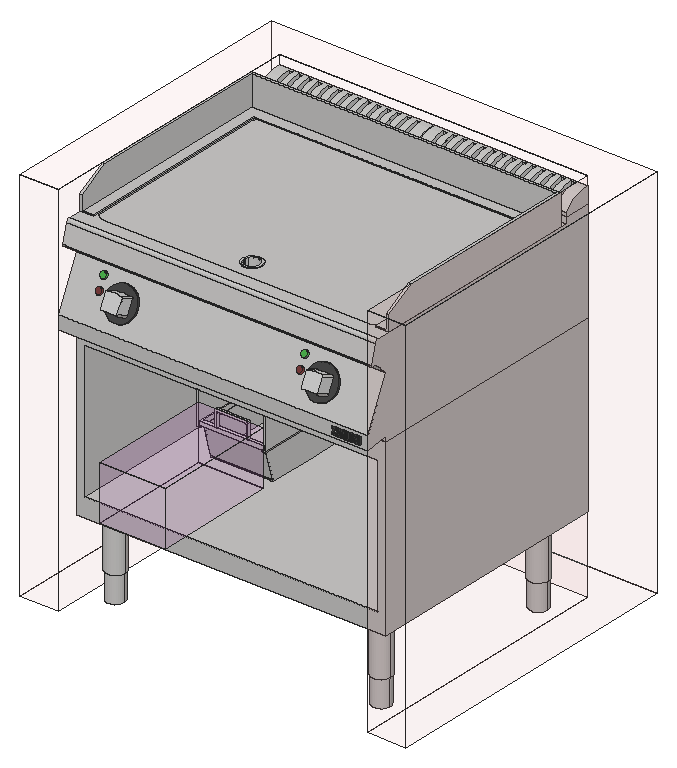
Revit family "QF_ZANUSSI_372196_Z7FTEHCSQ0", category Attrezzature speciali, Revit 2020
Family settings
  Quota connettore circolare = Usa diametro
  Tipo di parte = Normale
  Basato su piano di lavoro = No
  Sempre verticale = Sì
  Taglio con vuoti quando caricato = No
  Condiviso = No
  Punto di calcolo locali = No
Parameters (values of type "Standard")
  Weight = 80.00 kg
  Watts = 8400 W
  Volts = 400 V
  URL Manufacturer = "http://www.zanussiprofessional.com"
  URL = "http://www.zanussiprofessional.com"
  Steam Supply Size = 0 mm
  Steam Supply Minimum Pressure = 0.0 Pa
  Steam Supply Maximum Pressure = 0.0 Pa
  Steam Consumption per Hour = 0
  Show Logo [instance] = yes
  Show Clearance [instance] = yes
  Refrigeration Suction Line Size = 0 mm
  Refrigeration Liquid Line Size = 0 mm
  Refrigerant Compressor Remote = yes
  Prospetto di default = 0 mm
  Produttore = "Zanussi"
  Phase = 3
  Modello = "Z7FTEHCSQ0"
  Length Actual = 800 mm  # constant formula
  Item Number = "372196"
  Hot Water Size = 0 mm
  Height Actual = 850 mm  # constant formula
  HP = "11.3 HP"
  Gas Size = 0 mm
  Gas KW = 0
  Gas Input Pressure = 0 W
  Direct Waste Size = 0 mm
  Descrizione = "EL. FRY TOP-SMOOTH POLISHED CHROME PLATE+BASE 800MM"
  Depth Actual = 700 mm  # constant formula
  Cycle = 50 Hz
  Condensate Return Size = 0 mm
  Compressed Air Volume = 0.0 L/s
  Compressed Air Size = 0 mm
  Compressed Air Pressure = 0.0 Pa
  Cold Water Size = 0 mm
  Accessory = yes
Reference planes
  plane 1 "Back": y = 0
  plane 2: z = 0
  plane 3 "Left": x = 0
  plane 4: z = 849
  plane 5: x = 900
  plane 6: x = -100
  plane 7: y = 100
  plane 8: x = 800
  plane 9: y = -715
  plane 10: x = 400
  plane 11: y = -91
  plane 12: y = -600
Forms (mm)
  Extrusion 1, solid, material "QF_Finishes_Clearance", visible <- "Show Clearance"
    sketch origin (0, 0, 575) x (1, 0, 0) y (0, 1, 0)
      loop
        line (0, -715) -> (0, 0) -> (800, 0) -> (800, -715) -> (900, -715) -> (900, 100) -> (-100, 100) -> (-100, -715) -> (0, -715)
    from -575 to 405
  Sweep 2, solid, material "QF_Finishes_Stainless Steel"
    path origin (0, -2.381, 900) x (-1, 0, 0) y (0, -1, 0)
      loop
        line (-764.975, 642.504) -> (-764.975, 122.619) -> (-35.025, 122.619) -> (-35.025, 642.504)
    profile origin (35.025, -384.942, 900) x (1, 0, 0) y (0, 0, 1)
      loop
        line (-35.025, 0) -> (0, 0) -> (0, 3.175) -> (-28.675, 3.175) -> (-28.675, 80) -> (-35.025, 80) -> (-35.025, 0)
  Extrusion 3, void
    sketch origin (0, -89.975, 900) x (0, 1, 0) y (0, 0, 1)
      loop
        line (-554.91, 40.481) -> (-481.88, 80) -> (-554.91, 80) -> (-554.91, 40.481)
    from 0 to 6.35
  Extrusion 4, void
    sketch origin (800, -644.885, 900) x (0, -1, 0) y (0, 0, 1)
      loop
        line (0, 40.481) -> (0, 80) -> (-73.03, 80) -> (0, 40.481)
    from 0 to 6.35
  Extrusion 5, solid, material "QF_Finishes_Stainless Steel"
    sketch origin (314.693, 20, 50) x (1, 0, 0) y (0, 1, 0)
      loop
        circle (85.307, -607.968) r 25
      loop
        circle (85.307, -607.968) r 20
    from 831.583 to 846.8
  Extrusion 6, solid, material "QF_Finishes_Stainless Steel"
    sketch origin (0, 0, 626) x (0, 1, 0) y (0, 0, 1)
      loop
        line (0, 24) -> (0, 288) -> (-70, 288) -> (-70, 273) -> (-679.358, 273)
        arc (-679.358, 273) -> (-684.643, 270.811) -> (-686.833, 265.526) r 7.474
        line (-686.833, 265.526) -> (-699.884, 220.011)
        arc (-699.884, 220.011) -> (-699.396, 217.379) -> (-697, 216.184) r 3
        line (-697, 216.184) -> (-686.802, 216.184) -> (-654.982, 184.364) -> (-715, 64.508) -> (-715, 29.508) -> (-658.645, 37.428)
        arc (-658.645, 37.428) -> (-656.101, 36.674) -> (-655, 34.259) r 3.2
        line (-655, 34.259) -> (-655, 24) -> (0, 24)
    from 0 to 800
  Extrusion 7, solid, material "QF_Finishes_Stainless Steel"
    sketch origin (0, 0, 50) x (1, 0, 0) y (0, 1, 0)
      loop
        line (0, 0) -> (0, -655) -> (800, -655) -> (800, 0) -> (0, 0)
    from 149 to 600
  Extrusion 8, void
    sketch origin (800, -655, 50) x (1, 0, 0) y (0, 0, -1)
      loop
        line (-780, -199) -> (-780, -550) -> (-20, -550) -> (-20, -199) -> (-780, -199)
    from 0 to 507.363
  Extrusion 9, void
    sketch origin (314.693, 20, 100) x (1, 0, 0) y (0, 1, 0)
      loop
        circle (85.307, -607.971) r 20
    from 520.027 to 855.813
  Extrusion 10, void
    sketch origin (0, -2.381, 900) x (-1, 0, 0) y (0, -1, 0)
      loop
        arc (-60.425, 102.504) -> (-42.464, 109.943) -> (-35.025, 127.904) r 25.4
        line (-35.025, 127.904) -> (-35.025, 617.104)
        arc (-35.025, 617.104) -> (-42.464, 635.064) -> (-60.425, 642.504) r 25.4
        line (-60.425, 642.504) -> (-739.575, 642.504)
        arc (-739.575, 642.504) -> (-757.536, 635.064) -> (-764.975, 617.104) r 25.4
        line (-764.975, 617.104) -> (-764.975, 127.904)
        arc (-764.975, 127.904) -> (-757.536, 109.943) -> (-739.575, 102.504) r 25.4
        line (-739.575, 102.504) -> (-60.425, 102.504)
    from 0 to -3.2
  Extrusion 11, solid, material "QF_Finishes_Door Clearance", visible <- "Show Clearance"
    sketch origin (295, 0, 50) x (1, 0, 0) y (0, 0, 1)
      loop
        line (190, 380) -> (190, 521.126) -> (19.675, 521.126) -> (19.675, 380) -> (190, 380)
    from 655 to 975.19
  Extrusion 12, solid, material "QF_Finishes_Stainless Steel"
    sketch origin (730.404, -334.286, 197) x (1, 0, 0) y (0, 1, 0)
      loop
        line (7.596, -132.714) -> (7.596, -152.714) -> (27.596, -152.714) -> (27.596, -132.714) -> (7.596, -132.714)
    from 0 to 2
  Extrusion 13, solid, material "QF_Finishes_Stainless Steel"
    sketch origin (730.404, 113.714, 197) x (1, 0, 0) y (0, 1, 0)
      loop
        line (7.596, -132.714) -> (7.596, -152.714) -> (27.596, -152.714) -> (27.596, -132.714) -> (7.596, -132.714)
    from 0 to 2
  Extrusion 14, solid, material "QF_Finishes_Stainless Steel"
    sketch origin (295, 322, 50) x (1, 0, 0) y (0, 0, 1)
      loop
        line (184.499, 468.626) -> (184.499, 467)
        arc (184.499, 467) -> (185.085, 465.586) -> (186.499, 465) r 2
        line (186.499, 465) -> (192, 465)
        arc (192, 465) -> (194.121, 465.879) -> (195, 468) r 3
        line (195, 468) -> (195, 550) -> (190, 550) -> (190, 468.626) -> (184.499, 468.626)
    from 655 to 977.426
  Extrusion 15, solid, material "QF_Finishes_Stainless Steel"
    sketch origin (505, 322, 50) x (-1, 0, 0) y (0, 0, -1)
      loop
        line (184.499, -468.626) -> (190, -468.626) -> (190, -550) -> (195, -550) -> (195, -468)
        arc (195, -468) -> (194.121, -465.879) -> (192, -465) r 3
        line (192, -465) -> (186.499, -465)
        arc (186.499, -465) -> (185.085, -465.586) -> (184.499, -467) r 2
        line (184.499, -467) -> (184.499, -468.626)
    from 655 to 977.426
Cuts and joins
  Extrusion 3 cuts Extrusion 1
  Extrusion 8 cuts Extrusion 7
  Extrusion 9, Extrusion 10 cuts Extrusion 6
  Extrusion 3, Extrusion 4 cuts Sweep 2
Dimensions and locks
  plane 4 to level = 849 mm
  plane 3 "Left" to plane 8 = 800 mm
  plane 1 "Back" to plane 9 = 715 mm
  plane 6 to plane 3 "Left" = 100 mm
  plane 8 to plane 5 = 100 mm
  plane 1 "Back" to plane 7 = 100 mm
  equal spacing: plane 3 "Left", plane 10, plane 8
  plane 1 "Back" to plane 11 to plane 12 = 91 mm, 509 mm
  aligned and locked: level to plane 2
Automatic sketch dimensions
  Extrusion 1 sketch curve to plane 6 = 0 mm
  plane 1 "Back" to Extrusion 1 sketch curve = 0 mm
  Extrusion 1 sketch curve to plane 3 "Left" = 0 mm
  Extrusion 1 sketch curve to plane 8 = 0 mm
  Extrusion 1 sketch curve to plane 5 = 0 mm
  Extrusion 1 sketch curve to plane 9 = 0 mm
  plane 9 to Extrusion 1 sketch curve = 0 mm
  Extrusion 1 sketch curve to plane 7 = 0 mm
  plane 8 to Sweep 2 sketch curve = 35.025 mm
  plane 3 "Left" to Sweep 2 sketch curve = 35.025 mm
  Sweep 2 sketch curve to plane 11 = 34 mm
  Sweep 2 sketch curve to plane 12 = 44.885 mm  (x2)
  Sweep 2 sketch curve to profile plane = 0 mm
  profile plane to Sweep 2 sketch curve = 0 mm
  profile plane to Sweep 2 sketch curve = 28.675 mm
  Sweep 2 sketch curve to Sweep 2 sketch curve = 6.35 mm
  profile plane to Sweep 2 sketch curve = 3.175 mm
  Sweep 2 sketch curve to Sweep 2 sketch curve = 76.825 mm
  Extrusion 3 sketch curve to Sweep 2 = 0 mm  (x2)
  Extrusion 3 sketch curve to Extrusion 3 sketch curve = 73.03 mm
  Extrusion 3 sketch curve to Extrusion 3 sketch curve = 39.519 mm
  Sweep 2 to Extrusion 4 sketch curve = 0 mm
  Extrusion 4 sketch curve to Sweep 2 = 0 mm
  Extrusion 4 sketch curve to Extrusion 4 sketch curve = 73.03 mm
  Extrusion 4 sketch curve to Extrusion 4 sketch curve = 39.519 mm
  Extrusion 5 sketch curve to Extrusion 5 sketch curve = 0 mm  (x2)
  Extrusion 5 sketch curve to plane 10 = 0 mm
  plane 12 to Extrusion 5 sketch curve = 12.032 mm
  Extrusion 6 sketch curve to plane 9 = 0 mm
  Extrusion 6 sketch curve to plane 1 "Back" = 0 mm
  plane 4 to Extrusion 6 sketch curve = 2.989 mm
  plane 9 to Extrusion 6 sketch curve = 15.116 mm
  Extrusion 6 sketch curve to Extrusion 6 sketch curve = 2.884 mm
  plane 9 to Extrusion 6 sketch curve = 28.167 mm
  plane 4 to Extrusion 6 sketch curve = 6.816 mm
  Extrusion 6 sketch curve to Extrusion 6 sketch curve = 10.198 mm
  Extrusion 6 sketch curve to Extrusion 6 sketch curve = 7.474 mm
  plane 9 to Extrusion 6 sketch curve = 56.355 mm
  Extrusion 6 sketch curve to Extrusion 6 sketch curve = 0.445 mm
  Extrusion 6 sketch curve to Extrusion 6 sketch curve = 3.2 mm
  Extrusion 6 sketch curve to Extrusion 6 sketch curve = 31.82 mm
  plane 11 to Extrusion 6 sketch curve = 21 mm
  plane 4 to Extrusion 6 sketch curve = 38.636 mm
  Extrusion 6 sketch curve to Extrusion 6 sketch curve = 119.856 mm
  Extrusion 6 sketch curve to Extrusion 6 sketch curve = 27.08 mm
  Extrusion 6 sketch curve to Extrusion 6 sketch curve = 35 mm
  Extrusion 6 sketch curve to Extrusion 6 sketch curve = 10.259 mm
  Extrusion 6 sketch curve to plane 4 = 42.526 mm
  Extrusion 6 sketch curve to plane 4 = 65 mm
  Extrusion 7 sketch curve to plane 3 "Left" = 0 mm
  Extrusion 7 sketch curve to plane 8 = 0 mm
  plane 1 "Back" to Extrusion 7 sketch curve = 0 mm
  Extrusion 7 sketch curve to plane 12 = 55 mm
  Extrusion 8 sketch curve to Extrusion 7 = 20 mm
  Extrusion 7 to Extrusion 8 sketch curve = 20 mm
  Extrusion 8 sketch curve to Extrusion 7 = 50 mm  (x2)
  Extrusion 9 sketch curve to plane 10 = 0 mm
  plane 12 to Extrusion 9 sketch curve = 12.029 mm
  plane 8 to Extrusion 10 sketch curve = 35.025 mm
  Extrusion 10 sketch curve to Extrusion 10 sketch curve = 25.4 mm  (x3)
  Extrusion 10 sketch curve to plane 11 = 13.885 mm
  plane 3 "Left" to Extrusion 10 sketch curve = 60.425 mm  (x2)
  Extrusion 10 sketch curve to plane 12 = 19.485 mm
  Extrusion 11 sketch curve to plane 10 = 85.325 mm
  plane 10 to Extrusion 11 sketch curve = 85 mm
  plane 4 to Extrusion 11 sketch curve = 419 mm
  Extrusion 11 sketch curve to Extrusion 11 sketch curve = 141.126 mm
  plane 8 to Extrusion 12 sketch curve = 62 mm
  Extrusion 12 sketch curve to Extrusion 12 sketch curve = 20 mm  (x2)
  plane 12 to Extrusion 12 sketch curve = 113 mm
  plane 8 to Extrusion 13 sketch curve = 62 mm
  Extrusion 13 sketch curve to Extrusion 13 sketch curve = 20 mm
  plane 1 "Back" to Extrusion 13 sketch curve = 39 mm
  plane 1 "Back" to Extrusion 13 sketch curve = 19 mm
  plane 10 to Extrusion 14 sketch curve = 79.499 mm
  Extrusion 14 sketch curve to Extrusion 14 sketch curve = 2 mm  (x2)
  Extrusion 14 sketch curve to Extrusion 14 sketch curve = 3.501 mm
  Extrusion 14 sketch curve to Extrusion 14 sketch curve = 5 mm
  plane 4 to Extrusion 14 sketch curve = 334 mm
  Extrusion 14 sketch curve to Extrusion 14 sketch curve = 1.626 mm
  Extrusion 14 sketch curve to Extrusion 14 sketch curve = 81.374 mm
  Extrusion 15 sketch curve to plane 10 = 79.499 mm
  Extrusion 15 sketch curve to Extrusion 15 sketch curve = 2 mm  (x2)
  Extrusion 15 sketch curve to Extrusion 15 sketch curve = 3.501 mm
  Extrusion 15 sketch curve to Extrusion 15 sketch curve = 5 mm
  plane 4 to Extrusion 15 sketch curve = 249 mm
  Extrusion 15 sketch curve to Extrusion 15 sketch curve = 81.374 mm
  Extrusion 15 sketch curve to Extrusion 15 sketch curve = 0.626 mm
  radius of Extrusion 5 sketch curve = 25 mm
  radius of Extrusion 5 sketch curve = 20 mm
  radius of Extrusion 9 sketch curve = 20 mm
Nested families
  nested 1: "Uscita_Fumi" at (200, -34.925, 914), type "Uscita_Fumi"
  nested 2: "Uscita_Fumi" at (600, -34.925, 914) x (-1, 0, 0) z (0, 0, 1), type "Uscita_Fumi"
  nested 3: "CONTROLLER_XP-ZAN" at (190.75, -684.624, 751.168) x (1, 0, 0) z (0, -0.8942, 0.4478), type "CONTROLLER_XP-ZAN"
  nested 4: "CONTROLLER_XP-ZAN" at (710.75, -684.624, 751.168) x (1, 0, 0) z (0, -0.8942, 0.4478), type "CONTROLLER_XP-ZAN"
  nested 5: "SPIA_RED" at (600, -681.218, 757.97) x (1, 0, 0) z (0, -0.8942, 0.4478), type "SPIA_RED"
  nested 6: "SPIA_GREEN" at (600, -665.986, 788.388) x (1, 0, 0) z (0, -0.8942, 0.4478), type "SPIA_GREEN"
  nested 7: "SPIA_RED" at (79.365, -681.218, 757.97) x (1, 0, 0) z (0, -0.8942, 0.4478), type "SPIA_RED"
  nested 8: "SPIA_GREEN" at (79.365, -665.986, 788.388) x (1, 0, 0) z (0, -0.8942, 0.4478), type "SPIA_GREEN"
  nested 9: "ZANUSSI_Logo" at (749.92, -715, 721.184) x (1, 0, 0) z (0, -1, 0), Show Logo <- "Show Logo", visible <- "Show Logo", type "ZANUSSI_Logo"
    with Show Logo yes
  nested 10: "CESTELLO_SCOLO" at (314.675, -494, 430), type "CESTELLO_SCOLO"
  nested 11: "Piedino 50xH200_par" at (56, -600, 0), type "Piedino 50xH200_par"
    with H 200 mm
  nested 12: "Piedino 50xH200_par" at (56, -91, 0), type "Piedino 50xH200_par"
    with H 200 mm
  nested 13: "Piedino 50xH200_par" at (744, -91, 0), type "Piedino 50xH200_par"
    with H 200 mm
  nested 14: "Piedino 50xH200_par" at (744, -600, 0), type "Piedino 50xH200_par"
    with H 200 mm
Connectors
  electrical at (748, -477, 197), driven by "Volts"
    settings: on Extrusion 12, index 12, voltage 400 V, apparent load 0 VA, apparent load phase1 0 VA, apparent load phase2 0 VA, apparent load phase3 0 VA, power factor 1, load classification "Altro", number of poles 1, system type 30, power factor state 1, is connector primary yes, connector utility no, sub classification motor no, connector description "Electrical Connection"
  electrical at (748, -29, 197), driven by "Volts"
    settings: on Extrusion 13, index 13, voltage 400 V, apparent load 0 VA, apparent load phase1 0 VA, apparent load phase2 0 VA, apparent load phase3 0 VA, power factor 1, load classification "Altro", number of poles 1, system type 30, power factor state 1, is connector primary no, connector utility no, sub classification motor no, connector description "Electrical Connection"
Definition of nested family "Uscita_Fumi"
  Parameters (values of type "Uscita_Fumi")
    Default Elevation = 1219.2 mm
  Reference planes
    plane 1 "Centro (Fronte/Retro)": y = 0
    plane 2: z = 0
    plane 3 "Centro (Sinistra/Destra)": x = 0
  Forms (mm)
    Extrusion 1, solid
      sketch origin (0, 0, 0) x (1, 0, 0) y (0, 1, 0)
        loop
          line (-1219.2, 1219.2) -> (-1219.2, -1219.2) -> (1219.2, -1219.2) -> (1219.2, 1219.2) -> (-1219.2, 1219.2)
      from 0 to -304.8
    Extrusion 2, solid
      sketch origin (-200, 34.925, -289.638) x (0, 1, 0) y (0, 0, 1)
        loop
          line (0, 289.638) -> (0, 331.738)
          arc (0, 331.738) -> (-38.857, 324.552) -> (-69.85, 300.038) r 82.056
          line (-69.85, 300.038) -> (-69.85, 289.638) -> (0, 289.638)
      from 0 to 400
    Extrusion 3, void
      sketch origin (-200, 34.925, -15) x (0, -1, 0) y (1, 0, 0)
        loop
          line (6.761, 29.703) -> (63.911, 29.703) -> (63.911, 38.999) -> (6.761, 38.999) -> (6.761, 29.703)
        loop
          line (63.911, 64.487) -> (6.761, 64.487) -> (6.761, 55.191) -> (63.911, 55.191) -> (63.911, 64.487)
        loop
          line (63.911, 89.975) -> (6.761, 89.975) -> (6.761, 80.68) -> (63.911, 80.68) -> (63.911, 89.975)
        loop
          line (63.911, 115.464) -> (6.761, 115.464) -> (6.761, 106.168) -> (63.911, 106.168) -> (63.911, 115.464)
        loop
          line (63.911, 140.952) -> (6.761, 140.952) -> (6.761, 131.656) -> (63.911, 131.656) -> (63.911, 140.952)
        loop
          line (63.911, 166.44) -> (6.761, 166.44) -> (6.761, 157.145) -> (63.911, 157.145) -> (63.911, 166.44)
        loop
          line (63.911, 191.929) -> (6.761, 191.929) -> (6.761, 182.633) -> (63.911, 182.633) -> (63.911, 191.929)
        loop
          line (63.911, 217.417) -> (6.761, 217.417) -> (6.761, 208.121) -> (63.911, 208.121) -> (63.911, 217.417)
        loop
          line (63.911, 242.905) -> (6.761, 242.905) -> (6.761, 233.61) -> (63.911, 233.61) -> (63.911, 242.905)
        loop
          line (63.911, 268.394) -> (6.761, 268.394) -> (6.761, 259.098) -> (63.911, 259.098) -> (63.911, 268.394)
        loop
          line (63.911, 293.882) -> (6.761, 293.882) -> (6.761, 284.586) -> (63.911, 284.586) -> (63.911, 293.882)
        loop
          line (63.911, 319.37) -> (6.761, 319.37) -> (6.761, 310.075) -> (63.911, 310.075) -> (63.911, 319.37)
        loop
          line (63.911, 344.859) -> (6.761, 344.859) -> (6.761, 335.563) -> (63.911, 335.563) -> (63.911, 344.859)
        loop
          line (63.911, 370.347) -> (6.761, 370.347) -> (6.761, 361.051) -> (63.911, 361.051) -> (63.911, 370.347)
      from 25.4 to 63.5
  Cuts and joins
    Extrusion 3 cuts Extrusion 2
  Dimensions and locks
    aligned and locked: plane 2 to Extrusion 1
    aligned and locked: level to Extrusion 1
Definition of nested family "CONTROLLER_XP-ZAN"
  Parameters (values of type "CONTROLLER_XP-ZAN")
    Default Elevation = 0 mm
  Reference planes
    plane 1 "Centro (Fronte/Retro)": y = 0
    plane 2: z = 0
    plane 3 "Centro (Sinistra/Destra)": x = 0
    plane 4: x = -51.067
    plane 5: x = 51.067
    plane 6: x = 93.481
    plane 7: x = -93.481
  Forms (mm)
    Extrusion 1, solid
      sketch origin (0, 0, 0) x (1, 0, 0) y (0, 1, 0)
        loop
          line (-1219.2, 1219.2) -> (-1219.2, -1219.2) -> (1219.2, -1219.2) -> (1219.2, 1219.2) -> (-1219.2, 1219.2)
      from 0 to -304.8
    Extrusion 2, solid
      sketch origin (-46.381, -48.923, 0) x (1, 0, 0) y (0, 1, 0)
        loop
          circle (-4.687, 48.923) r 42.414
      from 0 to 3.175
    Blend 3, solid
      base sketch origin (-46.381, -48.923, 3.175) x (1, 0, 0) y (0, 1, 0)
        loop
          line (-23.687, 25.923) -> (14.313, 25.923)
          arc (14.313, 25.923) -> (17.142, 27.095) -> (18.313, 29.923) r 4
          line (18.313, 29.923) -> (18.313, 66.519)
          arc (18.313, 66.519) -> (17.342, 69.132) -> (14.901, 70.476) r 4
          arc (14.901, 70.476) -> (-4.687, 71.923) -> (-24.275, 70.476) r 133.25
          arc (-24.275, 70.476) -> (-26.716, 69.132) -> (-27.687, 66.519) r 4
          line (-27.687, 66.519) -> (-27.687, 29.923)
          arc (-27.687, 29.923) -> (-26.515, 27.095) -> (-23.687, 25.923) r 4
      top sketch origin (-46.381, -48.923, 3.175) x (1, 0, 0) y (0, 1, 0)
        loop
          line (-25.687, 66.519) -> (-25.687, 29.923)
          arc (-25.687, 29.923) -> (-25.101, 28.509) -> (-23.687, 27.923) r 2
          line (-23.687, 27.923) -> (14.313, 27.923)
          arc (14.313, 27.923) -> (15.727, 28.509) -> (16.313, 29.923) r 2
          line (16.313, 29.923) -> (16.313, 66.519)
          arc (16.313, 66.519) -> (15.828, 67.825) -> (14.607, 68.498) r 2
          arc (14.607, 68.498) -> (-4.687, 69.923) -> (-23.981, 68.498) r 131.25
          arc (-23.981, 68.498) -> (-25.201, 67.825) -> (-25.687, 66.519) r 2
      from 0 to 33
  Lines and regions (mm)
    Split face 1
      outline origin (-46.381, -48.923, 36.175) x (1, 0, 0) y (0, 1, 0)
        loop
          line (-6.687, 69.908) -> (-6.687, 62.923) -> (-2.687, 62.923) -> (-2.687, 69.908)
  Dimensions and locks
    aligned and locked: plane 2 to Extrusion 1
    aligned and locked: level to Extrusion 1
Definition of nested family "SPIA_RED"
  Parameters
    Default Elevation = 1219.2 mm
  Reference planes
    plane 1 "Centro (Fronte/Retro)": y = 0
    plane 2: z = 0
    plane 3 "Centro (Sinistra/Destra)": x = 0
  Forms (mm)
    Extrusion 1, solid
      sketch origin (0, 0, 0) x (1, 0, 0) y (0, 1, 0)
        loop
          line (-1219.2, 1219.2) -> (-1219.2, -1219.2) -> (1219.2, -1219.2) -> (1219.2, 1219.2) -> (-1219.2, 1219.2)
      from 0 to -304.8
    Extrusion 2, solid
      sketch origin (-367.513, 69.533, 3.175) x (-1, 0, 0) y (0, 1, 0)
        loop
          circle (-367.513, -69.533) r 8
      from 0 to 3.175
  Dimensions and locks
    aligned and locked: plane 2 to Extrusion 1
    aligned and locked: level to Extrusion 1
Definition of nested family "SPIA_GREEN"
  Parameters
    Default Elevation = 1219.2 mm
  Reference planes
    plane 1 "Centro (Fronte/Retro)": y = 0
    plane 2: z = 0
    plane 3 "Centro (Sinistra/Destra)": x = 0
  Forms (mm)
    Extrusion 1, solid
      sketch origin (0, 0, 0) x (1, 0, 0) y (0, 1, 0)
        loop
          line (-1219.2, 1219.2) -> (-1219.2, -1219.2) -> (1219.2, -1219.2) -> (1219.2, 1219.2) -> (-1219.2, 1219.2)
      from 0 to -304.8
    Extrusion 2, solid
      sketch origin (-367.513, 69.533, 3.175) x (-1, 0, 0) y (0, 1, 0)
        loop
          circle (-367.513, -69.533) r 8
      from 0 to 3.175
  Dimensions and locks
    aligned and locked: plane 2 to Extrusion 1
    aligned and locked: level to Extrusion 1
Definition of nested family "ZANUSSI_Logo"
  Parameters (values of type "ZANUSSI_Logo")
    Show Logo [instance] = yes
    Default Elevation = 1219.2 mm
  Reference planes
    plane 1 "Center (Front/Back)": y = -49
    plane 2: z = 0
    plane 3 "Center (Left/Right)": x = -9.92
  Forms (mm)
    Extrusion 1, solid
      sketch origin (0, 0, 0) x (1, 0, 0) y (0, 1, 0)
        loop
          line (-1219.2, 1219.2) -> (-1219.2, -1219.2) -> (1219.2, -1219.2) -> (1219.2, 1219.2) -> (-1219.2, 1219.2)
      from 0 to -304.8
    Extrusion 2, solid, visible <- "Show Logo"
      sketch origin (106.353, -215.165, -50) x (1, 0, 0) y (0, 1, 0)
        loop
          line (-137.419, 156.48) -> (-137.419, 160.444) -> (-143.365, 160.444) -> (-137.419, 172.566) -> (-137.419, 175.851) -> (-147.274, 175.851) -> (-147.274, 172.226) -> (-142.063, 172.339) -> (-147.728, 160.444) -> (-147.728, 156.48) -> (-137.419, 156.48)
        loop
          line (-131.729, 163.73) -> (-129.463, 163.73) -> (-130.596, 172.54) -> (-131.729, 163.73)
        loop
          line (-132.748, 156.48) -> (-132.182, 160.218) -> (-128.897, 160.218) -> (-128.33, 156.48) -> (-124.252, 156.48) -> (-127.877, 175.851) -> (-133.315, 175.851) -> (-136.826, 156.48) -> (-132.748, 156.48)
        loop
          line (-123.75, 175.851) -> (-123.75, 156.48) -> (-120.238, 156.48) -> (-120.238, 169.281) -> (-116.953, 156.48) -> (-112.648, 156.48) -> (-112.648, 175.851) -> (-116.273, 175.851) -> (-116.273, 163.503) -> (-119.558, 175.851) -> (-123.75, 175.851)
        loop
          arc (-111.742, 161.27) -> (-106.896, 156.448) -> (-101.433, 160.558) r 5.22
          line (-101.433, 160.558) -> (-101.433, 175.851) -> (-105.398, 175.851) -> (-105.398, 161.464)
          arc (-105.398, 161.464) -> (-106.44, 160.263) -> (-107.777, 161.124) r 1.214
          line (-107.777, 161.124) -> (-107.777, 175.851) -> (-111.742, 175.851) -> (-111.742, 161.27)
        loop
          line (-94.069, 169.734) -> (-90.331, 169.734) -> (-90.269, 171.495)
          arc (-90.269, 171.495) -> (-90.53, 173.458) -> (-91.761, 175.009) r 3.719
          arc (-91.761, 175.009) -> (-95.38, 176.189) -> (-98.998, 175.009) r 6.139
          arc (-98.998, 175.009) -> (-100.474, 172.145) -> (-100.291, 168.927) r 6.125
          arc (-100.291, 168.927) -> (-99.079, 167.149) -> (-97.591, 165.594) r 13.068
          line (-97.591, 165.594) -> (-95.921, 164.113)
          arc (-95.921, 164.113) -> (-94.934, 163.275) -> (-94.167, 162.233) r 5.571
          arc (-94.167, 162.233) -> (-94.357, 160.41) -> (-96.143, 160.003) r 1.573
          arc (-96.143, 160.003) -> (-96.681, 160.547) -> (-96.911, 161.277) r 1.631
          arc (-96.911, 161.277) -> (-96.929, 161.791) -> (-96.911, 162.305) r 7.441
          arc (-96.911, 162.305) -> (-96.895, 162.791) -> (-96.911, 163.277) r 7.03
          line (-96.911, 163.277) -> (-100.866, 163.277)
          arc (-100.866, 163.277) -> (-100.828, 160.504) -> (-99.735, 157.955) r 7.131
          arc (-99.735, 157.955) -> (-94.571, 156.484) -> (-90.221, 159.633) r 6.148
          arc (-90.221, 159.633) -> (-90.141, 162.884) -> (-91.536, 165.823) r 7.021
          line (-91.536, 165.823) -> (-95.882, 169.734)
          arc (-95.882, 169.734) -> (-96.47, 170.472) -> (-96.785, 171.362) r 2.858
          arc (-96.785, 171.362) -> (-95.666, 172.959) -> (-94.069, 171.84) r 1.379
          line (-94.069, 171.84) -> (-94.069, 169.734)
        loop
          line (-82.771, 169.734) -> (-79.033, 169.734) -> (-78.971, 171.495)
          arc (-78.971, 171.495) -> (-79.232, 173.458) -> (-80.463, 175.009) r 3.719
          arc (-80.463, 175.009) -> (-84.081, 176.189) -> (-87.7, 175.009) r 6.139
          arc (-87.7, 175.009) -> (-89.175, 172.145) -> (-88.993, 168.927) r 6.125
          arc (-88.993, 168.927) -> (-87.781, 167.149) -> (-86.293, 165.594) r 13.068
          line (-86.293, 165.594) -> (-84.623, 164.113)
          arc (-84.623, 164.113) -> (-83.636, 163.275) -> (-82.869, 162.233) r 5.571
          arc (-82.869, 162.233) -> (-83.059, 160.41) -> (-84.845, 160.003) r 1.573
          arc (-84.845, 160.003) -> (-85.383, 160.547) -> (-85.613, 161.277) r 1.631
          arc (-85.613, 161.277) -> (-85.631, 161.791) -> (-85.613, 162.305) r 7.441
          arc (-85.613, 162.305) -> (-85.596, 162.791) -> (-85.613, 163.277) r 7.03
          line (-85.613, 163.277) -> (-89.568, 163.277)
          arc (-89.568, 163.277) -> (-89.53, 160.504) -> (-88.437, 157.955) r 7.131
          arc (-88.437, 157.955) -> (-83.272, 156.484) -> (-78.922, 159.633) r 6.148
          arc (-78.922, 159.633) -> (-78.843, 162.884) -> (-80.238, 165.823) r 7.021
          line (-80.238, 165.823) -> (-84.584, 169.734)
          arc (-84.584, 169.734) -> (-85.171, 170.472) -> (-85.486, 171.362) r 2.858
          arc (-85.486, 171.362) -> (-84.368, 172.959) -> (-82.771, 171.84) r 1.379
          line (-82.771, 171.84) -> (-82.771, 169.734)
        loop
          line (-78.21, 175.851) -> (-78.21, 156.48) -> (-74.245, 156.48) -> (-74.245, 175.851) -> (-78.21, 175.851)
      from 50 to 51.6
  Dimensions and locks
    aligned and locked: plane 2 to Extrusion 1
    aligned and locked: level to Extrusion 1
Definition of nested family "CESTELLO_SCOLO"
  Parameters (values of type "CESTELLO_SCOLO")
    Default Elevation = 0 mm
  Reference planes
    plane 1 "Centro (Fronte/Retro)": y = 0
    plane 2: z = 0
    plane 3 "Centro (Sinistra/Destra)": x = 0
  Forms (mm)
    Extrusion 1, solid
      sketch origin (0, -5, 0) x (0, 1, 0) y (0, 0, 1)
        loop
          line (0, 0) -> (128.732, 0)
          arc (128.732, 0) -> (131.741, 1.007) -> (133.539, 3.622) r 5
          line (133.539, 3.622) -> (160.064, 96.126) -> (0, 96.126) -> (-149.181, 96.126) -> (-122.656, 3.622)
          arc (-122.656, 3.622) -> (-120.859, 1.007) -> (-117.85, 0) r 5
          line (-117.85, 0) -> (0, 0)
      from 4.958 to 164.824
    Extrusion 2, solid
      sketch origin (7.5, -1.064, 2.5) x (0, 1, 0) y (0, 0, 1)
        loop
          line (162.49, 96.126) -> (-159.936, 96.126) -> (-159.936, 86.126) -> (162.49, 86.126) -> (162.49, 96.126)
      from -7.175 to 162.825
    Extrusion 3, solid
      sketch origin (-14.987, 0, 0) x (1, 0, 0) y (0, 0, 1)
        loop
          line (56.875, 98.626) -> (61.875, 98.626) -> (61.875, 133.126)
          arc (61.875, 133.126) -> (62.754, 135.247) -> (64.875, 136.126) r 3
          line (64.875, 136.126) -> (135.75, 136.126)
          arc (135.75, 136.126) -> (137.871, 135.247) -> (138.75, 133.126) r 3
          line (138.75, 133.126) -> (138.75, 98.626) -> (143.75, 98.626) -> (143.75, 136.126)
          arc (143.75, 136.126) -> (142.286, 139.662) -> (138.75, 141.126) r 5
          line (138.75, 141.126) -> (61.875, 141.126)
          arc (61.875, 141.126) -> (58.339, 139.662) -> (56.875, 136.126) r 5
          line (56.875, 136.126) -> (56.875, 98.626)
      from 154.898 to 161
    Extrusion 4, solid
      sketch origin (-14.987, 0, 0) x (1, 0, 0) y (0, 0, -1)
        loop
          line (56.875, -98.626) -> (56.875, -136.126)
          arc (56.875, -136.126) -> (58.339, -139.662) -> (61.875, -141.126) r 5
          line (61.875, -141.126) -> (138.75, -141.126)
          arc (138.75, -141.126) -> (142.286, -139.662) -> (143.75, -136.126) r 5
          line (143.75, -136.126) -> (143.75, -98.626) -> (138.75, -98.626) -> (138.75, -133.126)
          arc (138.75, -133.126) -> (137.871, -135.247) -> (135.75, -136.126) r 3
          line (135.75, -136.126) -> (64.875, -136.126)
          arc (64.875, -136.126) -> (62.754, -135.247) -> (61.875, -133.126) r 3
          line (61.875, -133.126) -> (61.875, -98.626) -> (56.875, -98.626)
      from 154.898 to 161
    Extrusion 5, void
      sketch origin (6.25, 0, 0) x (0, 1, 0) y (0, 0, 1)
        loop
          line (152.09, 101.912) -> (-152.186, 101.912) -> (-152.186, 92.301) -> (-123.108, 7.853) -> (126.892, 7.853) -> (152.09, 95.731) -> (152.09, 101.912)
      from 0.704 to 156.557
  Cuts and joins
    Extrusion 5 cuts Extrusion 2
    Extrusion 5 cuts Extrusion 1
  Dimensions and locks
    Extrusion 1 sketch curve to Extrusion 1 sketch curve = 309.245 mm
    Extrusion 2 to Extrusion 2 = 170 mm
    aligned and locked: level to plane 2
Definition of nested family "Piedino 50xH200_par"
  Parameters (values of type "Piedino 50xH200_par")
    Default Elevation = 0 mm
    H [instance] = 200 mm
  Reference planes
    plane 1 "Centro (Fronte/Retro)": y = 0
    plane 2: z = 0
    plane 3 "Centro (Sinistra/Destra)": x = 0
  Forms (mm)
    Revolve 1, solid
      sketch origin (55, 0, 0) x (-1, 0, 0) y (0, 0, -1)
        loop
          line (55, 0) -> (32.1, 0) -> (32.1, -69.05) -> (29.6, -69.05) -> (29.6, -200) -> (55, -200) -> (55, 0)
        axis (55, 0) -> (55, -200)
      angle from 0 to 360
  Dimensions and locks
    "H": Revolve 1 to plane 2
    aligned and locked: level to plane 2
  Automatic sketch dimensions
    Revolve 1 sketch curve to level = 0 mm
    Revolve 1 sketch curve to plane 3 "Centro (Sinistra/Destra)" = 0 mm  (x2)
    plane 3 "Centro (Sinistra/Destra)" to Revolve 1 sketch curve = 22.9 mm
    Revolve 1 sketch curve to Revolve 1 sketch curve = 2.5 mm
    level to Revolve 1 sketch curve = 69.05 mm
    Revolve 1 sketch curve to Revolve 1 sketch curve = 130.95 mm
    Revolve 1 sketch curve to Revolve 1 sketch curve = 0 mm
    Revolve 1 sketch curve to Revolve 1 sketch curve = 20 mm
